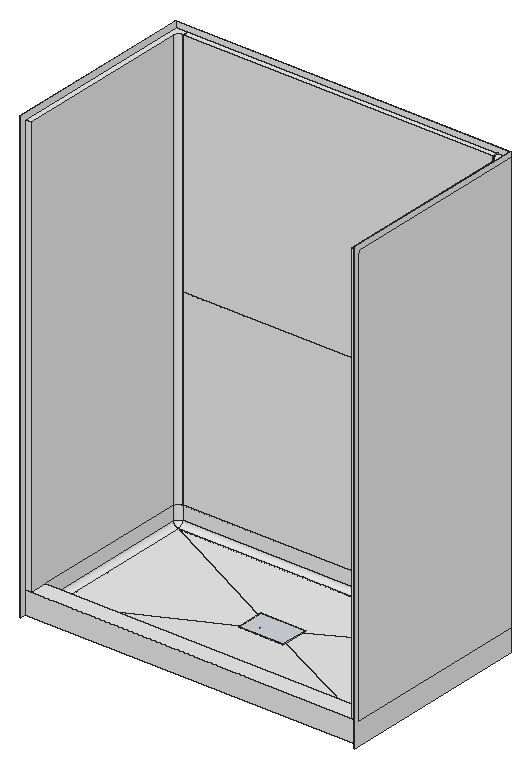
Revit family "5LRS6034FBSQ.V2", category Plumbing Fixtures, Revit 2019
Family settings
  Round Connector Dimension = Use Diameter
  Part Type = Normal
  OmniClass Number = 23.45.05.14.17
  OmniClass Title = Showers
  Work Plane-Based = No
  Always vertical = Yes
  Cut with Voids When Loaded = No
  Shared = No
  Room Calculation Point = No
Parameters (values of type "5LRS6034FBSQ.V2")
  Unit Width = 60"
  Unit Height = 80 1/2"
  Unit Depth = 35"
  URL = "http://www.bestbath.com/"
  Type Comments = "Remodeler"
  Model = "5LRS6034FBSQ.V2"
  Material [instance] = Best Bath Gelcoat Fiberglass - Smooth
  Manufacturer = "Best Bath Systems, Inc."
  Keynote = "22 40 00.B3"
  Description = "Real Tile Finish"
  Assembly Code = "D2010710"
Reference planes (in)
  plane 1 "Back": y = -0.5
  plane 2: z = 0
  plane 3 "Left": x = 0
  plane 4: x = 60
  plane 5: z = 4
  plane 6: x = 30
  plane 7: y = 33.5
  plane 8: y = 17.5
  plane 9: x = 1.25
  plane 10: x = 58.75
  plane 11: y = 32.25
  plane 12: z = 0.625
  plane 13: z = 0.25
  plane 14: y = -1.5
  plane 15: z = 5
  plane 16: z = 38.25
  plane 17: z = 80.5
Forms (in)
  Extrusion 1, solid, material "Best Bath Gelcoat Fiberglass - Smooth"
    sketch origin (0, 0, 0) x (1, 0, 0) y (0, 1, 0)
      loop
        line (0, -0.5) -> (1.25, -0.5) -> (1.25, 31.25)
        arc (1.25, 31.25) -> (1.54289, 31.95711) -> (2.25, 32.25) r 1
        line (2.25, 32.25) -> (57.75, 32.25)
        arc (57.75, 32.25) -> (58.45711, 31.95711) -> (58.75, 31.25) r 1
        line (58.75, 31.25) -> (58.75, -0.5) -> (60, -0.5) -> (60, 33.5) -> (0, 33.5) -> (0, -0.5)
    from 0 to 4
  Extrusion 2, solid, material "Best Bath Gelcoat Fiberglass - Smooth"
    sketch origin (0, 0, 0) x (1, 0, 0) y (0, 1, 0)
      loop
        line (0, -0.5) -> (60, -0.5) -> (60, 33.5) -> (0, 33.5) -> (0, -0.5)
    from 0 to 0.625
  Sweep 3, solid, material "Best Bath Gelcoat Fiberglass - Smooth"
    path origin (0, 0, 0) x (1, 0, 0) y (0, 1, 0)
      loop
        line (58.75, -0.5) -> (58.75, 31.25)
        arc (58.75, 31.25) -> (58.45711, 31.95711) -> (57.75, 32.25) r 1
        line (57.75, 32.25) -> (2.25, 32.25)
        arc (2.25, 32.25) -> (1.54289, 31.95711) -> (1.25, 31.25) r 1
        line (1.25, 31.25) -> (1.25, -0.5)
    profile origin (1.25, 15.375, 0) x (1, 0, 0) y (0, 0, 1)
      loop
        line (0, 0.625) -> (0.9, 0.625)
        arc (0.9, 0.625) -> (0.2636, 0.8886) -> (0, 1.525) r 0.9
        line (0, 1.525) -> (0, 0.625)
  Blend 4, void
    base sketch origin (0, 0, 0) x (1, 0, 0) y (0, 1, 0)
      loop
        line (2.25, 3.5147) -> (57.75, 3.5147) -> (57.75, 31.25) -> (2.25, 31.25) -> (2.25, 3.5147)
    top sketch origin (0, 0, 0) x (1, 0, 0) y (0, 1, 0)
      loop
        circle (30, 17.5) r 0.10467
    from 0.625 to 0.25
  Sweep 5, solid, material "Best Bath Gelcoat Fiberglass - Smooth"
    path origin (0, 0, 0) x (1, 0, 0) y (0, 1, 0)
      loop
        line (1.25, -0.5) -> (58.75, -0.5)
    profile origin (30, -0.5, 0) x (0, 1, 0) y (0, 0, 1)
      loop
        line (0, 4) -> (0, 0) -> (4.11592, 0) -> (3.00305, 4) -> (0, 4)
  Extrusion 6, solid, material "Best Bath Gelcoat Fiberglass - Smooth"
    sketch origin (0, 0, 0) x (1, 0, 0) y (0, 1, 0)
      loop
        line (0, -1.5) -> (0.125, -1.5) -> (0.125, 33.375) -> (59.875, 33.375) -> (59.875, -1.5) -> (60, -1.5) -> (60, 33.5) -> (0, 33.5) -> (0, -1.5)
    from 5 to 80.5
  Extrusion 7, void
    sketch origin (0, 6, 0.625) x (0, 1, 0) y (1, 0, 0)
      loop
        line (14, 26) -> (14, 34) -> (9, 34) -> (9, 26) -> (14, 26)
    from 0 to 0.5
  Extrusion 8, void
    sketch origin (0, -4, 0.625) x (0, 1, 0) y (1, 0, 0)
      loop
        circle (21.5, 30) r 1.75
    from 0 to 1.25
  Extrusion 9, solid
    sketch origin (0.25, 2, 0.125) x (0, 1, 0) y (-1, 0, 0)
      loop
        line (18, -25.75) -> (13, -25.75) -> (13, -33.75) -> (18, -33.75) -> (18, -25.75)
    from 0 to 0.25
  Extrusion 10, solid, material "Best Bath Gelcoat Fiberglass - Smooth"
    sketch origin (0, -0.86165, 0) x (1, 0, 0) y (0, 1, 0)
      loop
        line (2.25, 34.36165) -> (2.25, 33.11165) -> (57.75, 33.11165) -> (57.75, 34.36165) -> (2.25, 34.36165)
    from 4 to 38.25
  Extrusion 11, solid, material "Best Bath Gelcoat Fiberglass - Smooth"
    sketch origin (0, -0.86165, 0) x (1, 0, 0) y (0, 1, 0)
      loop
        line (2.25, 33.11165) -> (57.75, 33.11165) -> (57.75, 34.36165) -> (2.25, 34.36165) -> (2.25, 33.11165)
    from 38.25 to 79.5
  Extrusion 12, solid, material "Best Bath Gelcoat Fiberglass - Smooth"
    sketch origin (0.25, -0.86165, 0) x (1, 0, 0) y (0, 1, 0)
      loop
        line (-0.25, 0.36165) -> (1, 0.36165) -> (1, 32.11165)
        arc (1, 32.11165) -> (1.29289, 32.81875) -> (2, 33.11165) r 1
        line (2, 33.11165) -> (2, 34.36165) -> (-0.25, 34.36165) -> (-0.25, 0.36165)
      loop
        line (59.75, 0.36165) -> (59.75, 34.36165) -> (57.5, 34.36165) -> (57.5, 33.11165)
        arc (57.5, 33.11165) -> (58.20711, 32.81875) -> (58.5, 32.11165) r 1
        line (58.5, 32.11165) -> (58.5, 0.36165) -> (59.75, 0.36165)
    from 4 to 79.5
  Extrusion 13, solid, material "Best Bath Gelcoat Fiberglass - Smooth"
    sketch origin (0, 0, 0) x (1, 0, 0) y (0, 1, 0)
      loop
        line (0, 33.5) -> (0, -1.5) -> (0.125, -1.5) -> (0.125, 33.375) -> (59.875, 33.375) -> (59.875, -1.5) -> (60, -1.5) -> (60, 33.5) -> (0, 33.5)
    from 0 to 5
Cuts and joins
  Blend 4, Extrusion 7, Extrusion 8 cuts Extrusion 1
  Blend 4, Extrusion 7, Extrusion 8 cuts Extrusion 2
  Blend 4, Extrusion 7, Extrusion 8 cuts Sweep 3
  Extrusion 7, Extrusion 8 cuts Sweep 5
  Extrusion 7, Extrusion 8 cuts Extrusion 6
  joined: Extrusion 1, Extrusion 2, Sweep 3, Sweep 5, Extrusion 6, Extrusion 13
Dimensions and locks (in)
  "Unit Width": plane 3 "Left" to plane 4
  plane 3 "Left" to plane 6 to plane 4 = 30", 30"
  locked: plane 7 to plane 11 at 1.25
  locked: plane 10 to plane 4 at 1.25
  locked: plane 3 "Left" to plane 9 at 1.25
  locked: plane 7 to plane 8 at 16
  locked: plane 12 to plane 13 at 0.375
  locked: plane 12 to level at 0.625
  locked: plane 14 to plane 1 "Back" at 1
  "Unit Depth": plane 7 to plane 14
  "Unit Height": plane 17 to level
  locked: plane 16 to plane 5 at 34.25
  aligned and locked: level to plane 2
  aligned and locked: Sweep 3 to plane 12
  aligned and locked: Sweep 3 sketch curve to plane 12
  aligned and locked: Extrusion 2 to plane 12
  aligned and locked: plane 8 to Blend 4 sketch curve
  aligned and locked: plane 6 to Blend 4 sketch curve
  aligned and locked: Extrusion 2 to Blend 4
  aligned and locked: Blend 4 to plane 13
  aligned and locked: plane 5 to Extrusion 1
  aligned and locked: plane 5 to Sweep 5
  aligned and locked: Extrusion 9 to cut or joined group 1 (Extrusion 1, Extrusion 2, Sweep 3, Blend 4, Sweep 5, Extrusion 6, Extrusion 7, Extrusion 8, Extrusion 13)  (x3)
  aligned and locked: cut or joined group 1 to Extrusion 9
  aligned and locked: Extrusion 11 to Extrusion 10
  aligned and locked: Extrusion 13 to Extrusion 6
  aligned and locked: plane 17 to Extrusion 6
  aligned and locked: Extrusion 10 to Extrusion 11
  aligned and locked: Extrusion 11 to cut or joined group 1
  aligned and locked: Extrusion 11 to plane 16
  aligned and locked: Extrusion 11 sketch curve to plane 11
  aligned and locked: plane 7 to Extrusion 11 sketch curve
Automatic sketch dimensions
  Extrusion 1 sketch curve to plane 3 "Left" = 0"
  Extrusion 1 sketch curve to plane 9 = 0"
  Extrusion 1 sketch curve to plane 11 = 0"
  plane 1 "Back" to Extrusion 1 sketch curve = 0"  (x2)
  Extrusion 1 sketch curve to plane 10 = 0"
  Extrusion 1 sketch curve to plane 4 = 0"
  Extrusion 1 sketch curve to plane 7 = 0"
  plane 9 to Extrusion 1 sketch curve = 1"
  Extrusion 1 sketch curve to plane 10 = 1"
  Extrusion 2 sketch curve to plane 3 "Left" = 0"
  Extrusion 2 sketch curve to plane 4 = 0"
  plane 1 "Back" to Extrusion 2 sketch curve = 0"
  Extrusion 2 sketch curve to plane 7 = 0"
  plane 1 "Back" to Sweep 3 sketch curve = 0"  (x2)
  Sweep 3 sketch curve to plane 9 = 0"
  Sweep 3 sketch curve to plane 11 = 0"
  Sweep 3 sketch curve to plane 10 = 0"
  plane 9 to Sweep 3 sketch curve = 1"
  Sweep 3 sketch curve to Sweep 3 sketch curve = 1"
  profile plane to Sweep 3 sketch curve = 0"
  Sweep 3 sketch curve to profile plane = 0.9"
  plane 9 to Blend 4 sketch curve = 1"
  Blend 4 sketch curve to plane 10 = 1"
  Blend 4 sketch curve to plane 1 "Back" = 4.0147"
  Blend 4 sketch curve to plane 11 = 1"
  plane 1 "Back" to Sweep 5 sketch curve = 0"
  Sweep 5 sketch curve to plane 9 = 0"
  Sweep 5 sketch curve to plane 10 = 0"
  Sweep 5 sketch curve to level = 0"
  Sweep 5 sketch curve to profile plane = 0"
  Sweep 5 sketch curve to Sweep 5 sketch curve = 3.00305"
  Sweep 5 sketch curve to Sweep 5 sketch curve = 4.11592"
  level to Sweep 5 sketch curve = 4"
  Extrusion 6 sketch curve to plane 3 "Left" = 0"
  Extrusion 6 sketch curve to plane 14 = 0"  (x2)
  Extrusion 6 sketch curve to plane 4 = 0"
  Extrusion 6 sketch curve to plane 7 = 0"
  plane 3 "Left" to Extrusion 6 sketch curve = 1/8"
  plane 4 to Extrusion 6 sketch curve = 1/8"
  Extrusion 6 sketch curve to plane 7 = 1/8"
  Extrusion 7 sketch curve to Extrusion 2 = 15 1/2"
  Extrusion 7 sketch curve to Extrusion 7 sketch curve = 5"
  Extrusion 7 sketch curve to Extrusion 2 = 26"
  Extrusion 7 sketch curve to Extrusion 7 sketch curve = 8"
  Extrusion 8 sketch curve to Extrusion 2 = 16"
  Extrusion 8 sketch curve to Extrusion 2 = 30"
  Extrusion 9 sketch curve to Extrusion 7 = 0"  (x4)
  Extrusion 10 sketch curve to plane 11 = 0"
  Extrusion 10 sketch curve to plane 7 = 0"
  plane 9 to Extrusion 10 sketch curve = 1"
  Extrusion 10 sketch curve to plane 10 = 1"
  Extrusion 12 sketch curve to plane 3 "Left" = 0"
  plane 1 "Back" to Extrusion 12 sketch curve = 0"  (x2)
  Extrusion 12 sketch curve to plane 9 = 0"
  Extrusion 12 sketch curve to plane 11 = 0"  (x2)
  Extrusion 12 sketch curve to plane 7 = 0"  (x2)
  Extrusion 12 sketch curve to plane 10 = 0"
  Extrusion 12 sketch curve to plane 4 = 0"
  Extrusion 12 sketch curve to Extrusion 12 sketch curve = 1"
  Extrusion 12 sketch curve to plane 10 = 1"
  Extrusion 13 sketch curve to plane 3 "Left" = 0"
  Extrusion 13 sketch curve to plane 14 = 0"  (x2)
  Extrusion 13 sketch curve to plane 4 = 0"
  Extrusion 13 sketch curve to plane 7 = 0"
  plane 3 "Left" to Extrusion 13 sketch curve = 1/8"
  plane 4 to Extrusion 13 sketch curve = 1/8"
  Extrusion 13 sketch curve to plane 7 = 1/8"
  plane 9 to Extrusion 11 sketch curve = 1"
  Extrusion 11 sketch curve to plane 10 = 1"
  radius of Blend 4 sketch curve = 0.10467"
  radius of Extrusion 8 sketch curve = 1 3/4"
